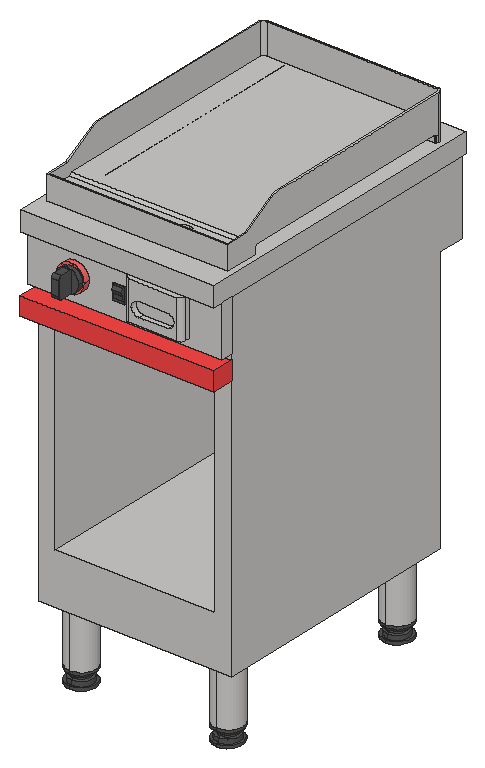
Revit family "ADB Armoire Gril Electrique 410", category Equipement spécialisé, Revit 2022
Family settings
  Cote de connecteur circulaire = Utiliser le diamètre
  Type d'élément = Normal
  Numéro OmniClass = 23.40.40.14.17.11
  Titre OmniClass = Cookers, Ovens, Stoves
  Basée sur le plan de construction = Non
  Toujours verticalement = Oui
  Couper avec des vides une fois chargée = Non
  Conserver l'orientation des annotations = Non
  Partagée = Non
  Repère de localisation dans la pièce = Non
Parameters (values of type "CME 410 SLKC")
  URL catalogue = "https://www.ambassade-de-bourgogne.com/fr/produits/armoires/grils/Resources/CME-410-SLKC.pdf"
  URL = "https://www.ambassade-de-bourgogne.com/fr/produits/armoires/grils/Resources/CME-410-SLKC.pdf"
  Type de Raccord Electrique [instance] = "Bornier 40A"  # constant formula
  Type article = ""
  Tension [instance] = 230 V  # constant formula
  Table = CME410 SLK_SLKC_gril électrique : SLKC
  Spécification du Fabricant = ""
  Remarques Electricité [instance] = "230V(MONO) commutable 400V(TRI)"  # constant formula
  Puissance électrique [instance] = 3300 W  # constant formula
  Porte inversée [instance] = no
  Profondeur [instance] = 652 mm + if(Dosseret DSA 400, 50 mm, 0 mm) + if(Porte CPM 400, 53 mm, 0 mm)  # 652 mm
  Porte CPM 400 [instance] = no
  Poids net à vide [instance] = 68.00 kg + if(Dosseret DSA 400, 1.00 kg, 0.00 kg) + if(Porte CPM 400, 5.00 kg, 0.00 kg)  # 68.00 kg
  Phase [instance] = 1  # constant formula
  Nombres de Pôles [instance] = Phase  # 1
  Modèle = "CME 410 SLKC"
  Longueur [instance] = 400 mm  # constant formula
  Intensité nominale [instance] = Puissance électrique / (230 V * Phase)  # 14.3478 A
  Hauteur [instance] = 990 mm
  Fréquence [instance] = 50 Hz  # constant formula
  Fabricant = "Société Industrielle de Lacanche"  # constant formula
  Elévation par défaut = 0 mm
  Echelles ECH 400 [instance] = no
  Dosseret DSA 400 [instance] = no
  Dosseret [instance] = if(Dosseret DSA 400, 50 mm, 0 mm)  # 0 mm
  Description = "Gril chrome lisse électrique"
  Connecteurs [instance] = yes
  Commentaires du type = "Gamme Ambassade - Grils et planchas électriques"
  D = 740 mm
  C = 200 mm
Types (4, lengths in mm): name | URL catalogue | URL | Table | Modèle | Hauteur | Description
  CME 410 GR | "https://www.ambassade-de-bourgogne.com/fr/produits/armoires/grils/Resources/CME-410-GR.pdf" | "https://www.ambassade-de-bourgogne.com/fr/produits/armoires/grils/Resources/CME-410-GR.pdf" | CME410 GR_GL_gril électrique : GR | "CME 410 GR" | 1015 | "Gril fonte nervuré électrique"
  CME 410 GL | "https://www.ambassade-de-bourgogne.com/fr/produits/armoires/grils/Resources/CME-410-GL.pdf" | "https://www.ambassade-de-bourgogne.com/fr/produits/armoires/grils/Resources/CME-410-GL.pdf" | CME410 GR_GL_gril électrique : GL | "CME 410 GL" | 1015 | "Gril fonte lisse électrique"
  CME 410 SLK | "https://www.ambassade-de-bourgogne.com/fr/produits/armoires/grils/Resources/N53-CME_410_SLK.pdf" | "https://www.ambassade-de-bourgogne.com/fr/produits/armoires/grils/Resources/N53-CME_410_SLK.pdf" | CME410 SLK_SLKC_gril électrique : SLK | "CME 410 SLK" | 990 | "Gril acier lisse électrique"
  CME 410 SLKC | "https://www.ambassade-de-bourgogne.com/fr/produits/armoires/grils/Resources/CME-410-SLKC.pdf" | "https://www.ambassade-de-bourgogne.com/fr/produits/armoires/grils/Resources/CME-410-SLKC.pdf" | CME410 SLK_SLKC_gril électrique : SLKC | "CME 410 SLKC" | 990 | "Gril chrome lisse électrique"
Reference planes
  plane 1 "Centre (avant/arrière)": y = 0
  plane 2: z = 0
  plane 3 "Centre (gauche/droite)": x = 0
  plane 4 "gauche": x = -200
  plane 5 "droite": x = 200
  plane 6 "fond de meuble": y = 325
  plane 7 "avant": y = -325
  plane 8 "arrière": y = 325
  plane 9: z = 990
  plane 10: x = 0
  plane 11: z = 740
  plane 12: y = -327
Forms (mm)
  Extrusion 1, solid, material "ADB_Network_Electricity_Yellow", visible <- "Connecteurs", detail levels medium+fine
    sketch origin (200, 315, 707) x (-1, 0, 0) y (0, 0, 1)
      loop
        circle (200, 33) r 10
    from 0 to 10
  Extrusion 2, solid, detail levels coarse
    sketch origin (0, 0, 0) x (1, 0, 0) y (0, 1, 0)
      loop
        line (-200, 325.033) -> (-200, -327) -> (200, -327) -> (200, 325.033) -> (-200, 325.033)
    from 0 to 990 <- "Hauteur"
  Extrusion 3, solid, material "ADB_Stainless Steel-Polished", detail levels fine
    sketch origin (121.5, 0, 0) x (1, 0, 0) y (0, 1, 0)
      loop
        arc (-110, -313.5) -> (-107.218, -320.218) -> (-100.5, -323) r 9.5
        line (-100.5, -323) -> (0.5, -323)
        arc (0.5, -323) -> (7.218, -320.218) -> (10, -313.5) r 9.5
        line (10, -313.5) -> (10, -306) -> (-110, -306) -> (-110, -313.5)
    from 770 to 850
  Extrusion 4, void
    sketch origin (309.416, -306, 860) x (-1, 0, 0) y (0, 0, -1)
      loop
        arc (267.812, 45) -> (282.812, 60) -> (267.812, 75) r 15
        line (267.812, 75) -> (208.021, 75)
        arc (208.021, 75) -> (193.021, 60) -> (208.021, 45) r 15
        line (208.021, 45) -> (267.812, 45)
    from 5 to 38.602
  Extrusion 5, solid, material "ADB_Plastic-Black", detail levels fine
    sketch origin (329, -306, 860) x (-1, 0, 0) y (0, 0, -1)
      loop
        line (352.5, 39.5) -> (352.5, 71.5) -> (327.5, 71.5) -> (327.5, 39.5) -> (352.5, 39.5)
    from 0 to 2
  Extrusion 6, solid, material "ADB_Plastic-Black", detail levels fine
    sketch origin (29, 0, 0.2) x (0, 1, 0) y (0, 0, 1)
      loop
        line (-308, 817.032) -> (-315.045, 811.027) -> (-309.906, 802.126) -> (-308, 792) -> (-308, 817.032)
    from -49.5 to -30.5
Cuts and joins
  Extrusion 4 cuts Extrusion 3
Dimensions and locks
  equal spacing: plane 5 "droite", plane 3 "Centre (gauche/droite)", plane 4 "gauche"
  "Longueur": plane 5 "droite" to plane 4 "gauche"
  plane 6 "fond de meuble" to plane 7 "avant" = 650 mm
  locked: plane 7 "avant" to plane 1 "Centre (avant/arrière)" at 325
  "Dosseret": plane 8 "arrière" to plane 6 "fond de meuble"
  "Hauteur": plane 9 to plane 2
  "D": plane 2 to plane 11
  "C": plane 5 "droite" to plane 10
  locked: Extrusion 3 sketch curve to Extrusion 3 sketch curve at 120
  "Profondeur": plane 8 "arrière" to plane 12
  aligned and locked: level to plane 2
  aligned and locked: plane 3 "Centre (gauche/droite)" to nested 1
  aligned and locked: Extrusion 1 sketch curve to plane 10
  aligned and locked: plane 11 to Extrusion 1 sketch curve
  aligned and locked: plane 3 "Centre (gauche/droite)" to nested 3
  aligned and locked: Extrusion 2 to plane 12
Automatic sketch dimensions
  Extrusion 2 sketch curve to plane 4 "gauche" = 0 mm
  Extrusion 2 sketch curve to plane 5 "droite" = 0 mm
  Extrusion 2 sketch curve to plane 7 "avant" = 2 mm
  plane 8 "arrière" to Extrusion 2 sketch curve = 0.033 mm
  plane 4 "gauche" to Extrusion 3 sketch curve = 211.5 mm
  plane 7 "avant" to Extrusion 3 sketch curve = 11.5 mm
  Extrusion 3 sketch curve to Extrusion 3 sketch curve = 9.5 mm  (x2)
  plane 7 "avant" to Extrusion 3 sketch curve = 19 mm
  Extrusion 4 sketch curve to nested 1 = 45 mm
  nested 1 to Extrusion 4 sketch curve = 301.396 mm
  Extrusion 4 sketch curve to Extrusion 4 sketch curve = 59.792 mm
  Extrusion 4 sketch curve to Extrusion 4 sketch curve = 15 mm
  plane 3 "Centre (gauche/droite)" to Extrusion 5 sketch curve = 1.5 mm
  Extrusion 5 sketch curve to Extrusion 5 sketch curve = 25 mm
  Extrusion 5 sketch curve to plane 11 = 80.5 mm
  Extrusion 5 sketch curve to Extrusion 5 sketch curve = 32 mm
  plane 7 "avant" to Extrusion 6 sketch curve = 9.955 mm
  Extrusion 6 sketch curve to Extrusion 6 sketch curve = 5.139 mm
  Extrusion 6 sketch curve to Extrusion 6 sketch curve = 1.906 mm
  Extrusion 6 sketch curve to plane 11 = 52.2 mm
  Extrusion 6 sketch curve to Extrusion 6 sketch curve = 10.126 mm
  Extrusion 6 sketch curve to Extrusion 6 sketch curve = 8.901 mm
  Extrusion 6 sketch curve to Extrusion 6 sketch curve = 6.005 mm
  radius of Extrusion 1 sketch curve = 10 mm
Nested families
  nested 1: "Soubassement armoire" at (0, 0, 0), Dosseret <- "Dosseret DSA 400", Porte <- "Porte CPM 400", Porte inversée <- "Porte inversée", Echelle <- "Echelles ECH 400", type "1 armoire"
    with Profondeur 703 mm, Porte inversée no, Porte no, Longueur 400 mm, Hauteur 900 mm, Encombrement Porte standard no, Encombrement Porte inversée no, Echelle no, Décalage poignée 233.5 mm, Dosseret no, Longueur produit 400 mm
  nested 2: "Bouton" at (-103, -306, 804.565) x (1, 0, 0) z (0, -1, 0), type "Bouton"
  nested 3: "CME410 SLK_SLKC_gril électrique" at (0, 0, 900), type <- "Table", type "SLKC", detail levels medium+fine
Connectors
  electrical at (0, 315, 740), driven by "Nombres de Pôles", driven by "Tension", driven by "Puissance électrique"
    settings: on Extrusion 1, index 1, voltage 230 V, apparent load 3300 VA, apparent load phase1 0 VA, apparent load phase2 0 VA, apparent load phase3 0 VA, power factor 1, load classification "Autre", number of poles 1, system type 30, power factor state 1, is connector primary yes, connector utility no, sub classification motor no, connector description "Electrique"
Definition of nested family "Soubassement armoire"
  Parameters (values of type "1 armoire")
    Profondeur produit = 650 mm
    Profondeur baie libre = if(Baie libre, Profondeur produit - 68 mm, 1 mm)  # 582 mm
    Porte inversée [instance] = no
    Longueur poignée = 229 mm  # constant formula
    Encombrement Porte inversée [instance] = and(Porte, Porte inversée)  # no
    Encombrement Porte standard [instance] = and(Porte, not(Porte inversée))  # no
    Porte [instance] = no
    Profondeur [instance] = Profondeur produit + if(Dosseret, 50 mm, 0 mm) + 53 mm  # 703 mm
    Longueur produit = 600 mm
    Longueur [instance] = Longueur produit  # 600 mm
    Hauteur produit = 900 mm
    Hauteur [instance] = Hauteur produit + if(Dosseret, 100 mm, 0 mm)  # 900 mm
    Default Elevation = 0 mm
    Echelle [instance] = no
    Décalage poignée [instance] = if(Porte inversée, Longueur, 233.5 mm)  # 233.5 mm
    Dosseret [instance] = no
    Baie libre = yes
  Reference planes
    plane 1 "Centre (avant/arrière)": y = 0
    plane 2: z = 0
    plane 3 "Centre (gauche/droite)": x = 0
    plane 4 "Gauche": x = -300
    plane 5 "Arrière": y = 325
    plane 6 "Droite": x = 300
    plane 7 "Avant": y = -325
    plane 8 "dessous meuble": z = 155
    plane 9 "Dessus de plan": z = 900
    plane 10 "Baguette coloré": z = 696
    plane 11 "dessous plan": z = 860
    plane 12 "Face": y = -280
    plane 13 "commande": z = 755
    plane 14 "dessus dosseret": z = 900
    plane 15: y = -377.967
    plane 16: y = 325.033
    plane 17 "Baguette colorë": y = -780
    plane 18: x = -66.5
  Forms (mm)
    Extrusion 1, solid, visible <- "Porte", detail levels medium+fine
      sketch origin (-300, 0, 0) x (0, 1, 0) y (0, 0, 1)
        loop
          line (-325, 155) -> (-280, 155) -> (-280, 696) -> (-325, 696) -> (-325, 155)
      from 0 to 600 <- "Longueur"
    Extrusion 2, solid, detail levels medium+fine
      sketch origin (-300, 0, 0) x (0, 1, 0) y (0, 0, 1)
        loop
          line (-280, 742.5) -> (-327, 742.5) -> (-327, 705) -> (-280, 705) -> (-280, 742.5)
      from 0 to 600 <- "Longueur"
    Extrusion 3, solid, detail levels medium+fine
      sketch origin (-300, 0, 0) x (0, 1, 0) y (0, 0, 1)
        loop
          line (325, 900) -> (-325, 900) -> (-325, 860) -> (325, 860) -> (325, 900)
      from 0 to 600 <- "Longueur"
    Extrusion 4, void
      sketch origin (0, -325, 0) x (-1, 0, 0) y (0, 0, 1)
        loop
          line (266, 679) -> (-266, 679) -> (-266, 261.5) -> (266, 261.5) -> (266, 679)
      from 0 to 582 <- "Profondeur baie libre"
    Extrusion 5, solid, detail levels medium+fine
      sketch origin (-300, 0, 0) x (0, 1, 0) y (0, 0, 1)
        loop
          line (-280, 860) -> (-306, 860) -> (-306, 755) -> (-280, 755) -> (-280, 860)
      from 0 to 600 <- "Longueur"
    Extrusion 6, solid, detail levels medium+fine
      sketch origin (-300, 0, 0) x (0, 1, 0) y (0, 0, 1)
        loop
          line (315, 860) -> (-280, 860) -> (-280, 155) -> (260, 155) -> (260, 707) -> (315, 707) -> (315, 860)
      from 0 to 600 <- "Longueur"
    Revolve 7, solid, detail levels medium+fine
      sketch origin (251.965, 0, 0) x (0, 1, 0) y (0, 0, -1)
        loop
          line (-258.968, -155) -> (-229, -155) -> (-229, 0) -> (-258.492, 0) -> (-258.492, -5) -> (-253.001, -5) -> (-253.001, -13.586) -> (-248.857, -16.488) -> (-248.857, -22) -> (-252.82, -22) -> (-258.968, -28.148) -> (-258.968, -34) -> (-258.968, -155)
        axis (-229, 0) -> (-229, -155)
      angle from 0 to 360
    Revolve 8, solid, detail levels medium+fine
      sketch origin (-251.965, 0, 0) x (0, 1, 0) y (0, 0, 1)
        loop
          line (-258.968, 155) -> (-258.968, 34) -> (-258.968, 28.148) -> (-252.82, 22) -> (-248.857, 22) -> (-248.857, 16.488) -> (-253.001, 13.586) -> (-253.001, 5) -> (-258.492, 5) -> (-258.492, 0) -> (-229, 0) -> (-229, 155) -> (-258.968, 155)
        axis (-229, 0) -> (-229, 155)
      angle from 0 to 360
    Revolve 9, solid, detail levels medium+fine
      sketch origin (-251.965, -20, 0) x (0, -1, 0) y (0, 0, -1)
        loop
          line (-258.968, -155) -> (-229, -155) -> (-229, 0) -> (-258.492, 0) -> (-258.492, -5) -> (-253.001, -5) -> (-253.001, -13.586) -> (-248.857, -16.488) -> (-248.857, -22) -> (-252.82, -22) -> (-258.968, -28.148) -> (-258.968, -34) -> (-258.968, -155)
        axis (-229, 0) -> (-229, -155)
      angle from 0 to 360
    Extrusion 10, solid, visible <- "Dosseret", detail levels medium+fine
      sketch origin (-300, 0, 0) x (0, 1, 0) y (0, 0, 1)
        loop
          line (375.033, 1000) -> (325, 1000) -> (325, 860) -> (375.033, 860) -> (375.033, 1000)
      from 0 to 600 <- "Longueur"
    Revolve 11, solid, detail levels medium+fine
      sketch origin (251.965, -20, 0) x (0, -1, 0) y (0, 0, 1)
        loop
          line (-258.968, 155) -> (-258.968, 34) -> (-258.968, 28.148) -> (-252.82, 22) -> (-248.857, 22) -> (-248.857, 16.488) -> (-253.001, 13.586) -> (-253.001, 5) -> (-258.492, 5) -> (-258.492, 0) -> (-229, 0) -> (-229, 155) -> (-258.968, 155)
        axis (-229, 0) -> (-229, 155)
      angle from 0 to 360
    Extrusion 12, void
      sketch origin (0, 0, 900) x (0, -1, 0) y (1, 0, 0)
        loop
          line (-307.033, -266.567) -> (-293.033, -266.567) -> (-293.033, 266.464) -> (-307.033, 266.464) -> (-307.033, -266.567)
      from 0 to -0.8
    Extrusion 13, solid, detail levels medium+fine
      sketch origin (-300, 260, 155) x (0, 0, 1) y (1, 0, 0)
        loop
          line (65, 454) -> (65, 146) -> (552, 146) -> (552, 454) -> (65, 454)
      from 0 to 35
    Extrusion 14, solid, visible <- "Echelle", detail levels medium+fine
      sketch origin (0, 0, 0) x (1, 0, 0) y (0, 0, 1)
        loop
          line (-266, 648.8) -> (-266, 623.8) -> (-256.5, 623.8) -> (-256.5, 625) -> (-264.8, 625) -> (-264.8, 647.6) -> (-248, 647.6) -> (-248, 648.8) -> (-266, 648.8)
        loop
          line (-266, 548.8) -> (-266, 523.8) -> (-256.5, 523.8) -> (-256.5, 525) -> (-264.8, 525) -> (-264.8, 547.6) -> (-248, 547.6) -> (-248, 548.8) -> (-266, 548.8)
        loop
          line (-266, 448.8) -> (-266, 423.8) -> (-256.5, 423.8) -> (-256.5, 425) -> (-264.8, 425) -> (-264.8, 447.6) -> (-248, 447.6) -> (-248, 448.8) -> (-266, 448.8)
        loop
          line (-266, 348.8) -> (-266, 323.8) -> (-256.5, 323.8) -> (-256.5, 325) -> (-264.8, 325) -> (-264.8, 347.6) -> (-248, 347.6) -> (-248, 348.8) -> (-266, 348.8)
      from -113.466 to 206.5
    Extrusion 15, solid, visible <- "Echelle", detail levels medium+fine
      sketch origin (0, 0, 0) x (-1, 0, 0) y (0, 0, -1)
        loop
          line (-266, -648.8) -> (-248, -648.8) -> (-248, -647.6) -> (-264.8, -647.6) -> (-264.8, -625) -> (-256.5, -625) -> (-256.5, -623.8) -> (-266, -623.8) -> (-266, -648.8)
        loop
          line (-266, -548.8) -> (-248, -548.8) -> (-248, -547.6) -> (-264.8, -547.6) -> (-264.8, -525) -> (-256.5, -525) -> (-256.5, -523.8) -> (-266, -523.8) -> (-266, -548.8)
        loop
          line (-266, -448.8) -> (-248, -448.8) -> (-248, -447.6) -> (-264.8, -447.6) -> (-264.8, -425) -> (-256.5, -425) -> (-256.5, -423.8) -> (-266, -423.8) -> (-266, -448.8)
        loop
          line (-266, -348.8) -> (-248, -348.8) -> (-248, -347.6) -> (-264.8, -347.6) -> (-264.8, -325) -> (-256.5, -325) -> (-256.5, -323.8) -> (-266, -323.8) -> (-266, -348.8)
      from -113.466 to 206.5
  Cuts and joins
    Extrusion 4 cuts Extrusion 6
    Extrusion 12 cuts Extrusion 10
  Lines and regions (mm)
    symbolic lines, visible <- "Encombrement Porte standard"
      curve 1: line (300, -280, 155) -> (300, -880, 155)
      curve 4: arc (-300, -280, 155) -> (-124.264, -704.264, 155) -> (300, -880, 155) r 600
    symbolic lines, visible <- "Encombrement Porte inversée"
      curve 2: line (-300, -280, 155) -> (-300, -880, 155)
      curve 3: arc (300, -280, 155) -> (124.264, -704.264, 155) -> (-300, -880, 155) r 600
  Dimensions and locks
    equal spacing: plane 7 "Avant", plane 1 "Centre (avant/arrière)", plane 5 "Arrière"
    "Profondeur produit": plane 5 "Arrière" to plane 7 "Avant"
    equal spacing: plane 4 "Gauche", plane 3 "Centre (gauche/droite)", plane 6 "Droite"
    "Longueur produit": plane 4 "Gauche" to plane 6 "Droite"
    "Hauteur produit": plane 9 "Dessus de plan" to plane 2
    locked: plane 8 "dessous meuble" to plane 2 at 155
    locked: plane 9 "Dessus de plan" to plane 11 "dessous plan" at 40
    locked: plane 7 "Avant" to plane 12 "Face" at 45
    locked: plane 13 "commande" to plane 10 "Baguette coloré" at 59
    locked: plane 11 "dessous plan" to plane 13 "commande" at 105
    Extrusion 4 sketch curve to plane 8 "dessous meuble" = 106.5 mm
    Extrusion 4 sketch curve to plane 6 "Droite" = 34 mm
    Extrusion 4 sketch curve to plane 4 "Gauche" = 34 mm
    plane 10 "Baguette coloré" to Extrusion 4 sketch curve = 17 mm
    "Hauteur": plane 14 "dessus dosseret" to plane 2
    locked: plane 7 "Avant" to plane 15 at 52.967
    "Profondeur": plane 15 to plane 16
    equal spacing: Extrusion 13 sketch curve, plane 3 "Centre (gauche/droite)", Extrusion 13 sketch curve
    "Décalage poignée": plane 18 to plane 4 "Gauche"
    locked: plane 4 "Gauche" to Revolve 9 at 18.067
    locked: Revolve 11 to plane 6 "Droite" at 18.067
    locked: Revolve 7 to plane 6 "Droite" at 18.067
    locked: plane 4 "Gauche" to Revolve 8 at 18.067
    locked: Revolve 8 to plane 12 "Face" at 21.032
    locked: Revolve 7 to plane 12 "Face" at 21.032
    locked: plane 5 "Arrière" to Extrusion 10 sketch curve at 50.033
    plane 16 to Extrusion 12 sketch curve to Extrusion 12 sketch curve = 18 mm locked, 14 mm locked
    aligned and locked: level to plane 2
    aligned and locked: plane 18 to nested 1
  Automatic sketch dimensions
    Extrusion 1 sketch curve to plane 7 "Avant" = 0 mm
    Extrusion 1 sketch curve to plane 10 "Baguette coloré" = 0 mm
    Extrusion 1 sketch curve to plane 12 "Face" = 0 mm
    Extrusion 1 sketch curve to plane 8 "dessous meuble" = 0 mm
    Extrusion 2 sketch curve to plane 12 "Face" = 0 mm
    Extrusion 2 sketch curve to plane 7 "Avant" = 2 mm
    plane 10 "Baguette coloré" to Extrusion 2 sketch curve = 9 mm
    Extrusion 2 sketch curve to plane 13 "commande" = 12.5 mm
    Extrusion 3 sketch curve to plane 7 "Avant" = 0 mm
    Extrusion 3 sketch curve to plane 5 "Arrière" = 0 mm
    Extrusion 3 sketch curve to plane 11 "dessous plan" = 0 mm
    Extrusion 3 sketch curve to plane 9 "Dessus de plan" = 0 mm
    Extrusion 5 sketch curve to plane 11 "dessous plan" = 0 mm
    Extrusion 5 sketch curve to plane 13 "commande" = 0 mm
    Extrusion 5 sketch curve to plane 12 "Face" = 0 mm
    plane 7 "Avant" to Extrusion 5 sketch curve = 19 mm
    Extrusion 6 sketch curve to plane 11 "dessous plan" = 0 mm
    Extrusion 6 sketch curve to plane 12 "Face" = 0 mm
    Extrusion 6 sketch curve to plane 8 "dessous meuble" = 0 mm
    Extrusion 6 sketch curve to plane 5 "Arrière" = 65 mm
    Extrusion 6 sketch curve to plane 5 "Arrière" = 10 mm
    plane 10 "Baguette coloré" to Extrusion 6 sketch curve = 11 mm
    Revolve 7 sketch curve to plane 8 "dessous meuble" = 0 mm
    Revolve 7 sketch curve to level = 0 mm
    plane 12 "Face" to Revolve 7 sketch curve = 21.032 mm
    plane 12 "Face" to Revolve 7 sketch curve = 21.508 mm
    Revolve 7 sketch curve to Revolve 7 sketch curve = 5.491 mm
    Revolve 7 sketch curve to Revolve 7 sketch curve = 0.181 mm
    Revolve 7 sketch curve to Revolve 7 sketch curve = 3.964 mm
    Revolve 7 sketch curve to Revolve 7 sketch curve = 24.001 mm
    level to Revolve 7 sketch curve = 34 mm
    Revolve 7 sketch curve to Revolve 7 sketch curve = 5.852 mm
    Revolve 7 sketch curve to Revolve 7 sketch curve = 6.148 mm
    Revolve 7 sketch curve to Revolve 7 sketch curve = 5.512 mm
    Revolve 7 sketch curve to Revolve 7 sketch curve = 2.902 mm
    level to Revolve 7 sketch curve = 5 mm
    Revolve 7 sketch curve to Revolve 7 sketch curve = 0 mm
    plane 8 "dessous meuble" to Revolve 7 sketch curve = 19 mm
    Revolve 7 sketch curve to Revolve 7 sketch curve = 12 mm
    Revolve 8 sketch curve to plane 8 "dessous meuble" = 0 mm
    Revolve 8 sketch curve to level = 0 mm
    plane 12 "Face" to Revolve 8 sketch curve = 21.032 mm
    plane 12 "Face" to Revolve 8 sketch curve = 21.508 mm
    Revolve 8 sketch curve to Revolve 8 sketch curve = 5.491 mm
    Revolve 8 sketch curve to Revolve 8 sketch curve = 0.181 mm
    Revolve 8 sketch curve to Revolve 8 sketch curve = 3.964 mm
    Revolve 8 sketch curve to Revolve 8 sketch curve = 24.001 mm
    level to Revolve 8 sketch curve = 5 mm
    Revolve 8 sketch curve to Revolve 8 sketch curve = 8.586 mm
    Revolve 8 sketch curve to Revolve 8 sketch curve = 2.902 mm
    Revolve 8 sketch curve to Revolve 8 sketch curve = 5.512 mm
    Revolve 8 sketch curve to Revolve 8 sketch curve = 6.148 mm
    Revolve 8 sketch curve to Revolve 8 sketch curve = 5.852 mm
    Revolve 8 sketch curve to Revolve 8 sketch curve = 0 mm
    Revolve 8 sketch curve to Revolve 8 sketch curve = 12 mm
    plane 8 "dessous meuble" to Revolve 8 sketch curve = 19 mm
    Revolve 9 sketch curve to plane 8 "dessous meuble" = 0 mm
    Revolve 9 sketch curve to level = 0 mm
    level to Revolve 9 sketch curve = 28.148 mm
    Revolve 9 sketch curve to plane 5 "Arrière" = 86.032 mm
    Revolve 9 sketch curve to Revolve 9 sketch curve = 0.477 mm
    level to Revolve 9 sketch curve = 13.586 mm
    Revolve 9 sketch curve to Revolve 9 sketch curve = 5.491 mm
    Revolve 9 sketch curve to Revolve 9 sketch curve = 0.181 mm
    Revolve 9 sketch curve to Revolve 9 sketch curve = 3.964 mm
    Revolve 9 sketch curve to Revolve 9 sketch curve = 24.001 mm
    Revolve 9 sketch curve to Revolve 9 sketch curve = 5.852 mm
    Revolve 9 sketch curve to Revolve 9 sketch curve = 8.414 mm
    Revolve 9 sketch curve to Revolve 9 sketch curve = 2.902 mm
    level to Revolve 9 sketch curve = 5 mm
    Revolve 9 sketch curve to Revolve 9 sketch curve = 0 mm
    plane 8 "dessous meuble" to Revolve 9 sketch curve = 19 mm
    Revolve 9 sketch curve to Revolve 9 sketch curve = 12 mm
    Extrusion 10 sketch curve to plane 5 "Arrière" = 0 mm
    Extrusion 10 sketch curve to plane 11 "dessous plan" = 0 mm
    plane 9 "Dessus de plan" to Extrusion 10 sketch curve = 100 mm
    curve 3 to plane 6 "Droite" = 0 mm
    curve 3 to plane 4 "Gauche" = 0 mm
    curve 4 to plane 4 "Gauche" = 0 mm
    curve 4 to plane 12 "Face" = 0 mm
    curve 2 to plane 12 "Face" = 0 mm
    curve 3 to plane 12 "Face" = 0 mm
    Revolve 11 sketch curve to plane 8 "dessous meuble" = 0 mm
    Revolve 11 sketch curve to level = 0 mm
    level to Revolve 11 sketch curve = 28.148 mm
    Revolve 11 sketch curve to plane 5 "Arrière" = 86.032 mm
    Revolve 11 sketch curve to Revolve 11 sketch curve = 0.477 mm
    level to Revolve 11 sketch curve = 13.586 mm
    Revolve 11 sketch curve to Revolve 11 sketch curve = 5.491 mm
    Revolve 11 sketch curve to Revolve 11 sketch curve = 0.181 mm
    Revolve 11 sketch curve to Revolve 11 sketch curve = 3.964 mm
    Revolve 11 sketch curve to Revolve 11 sketch curve = 24.001 mm
    level to Revolve 11 sketch curve = 5 mm
    Revolve 11 sketch curve to Revolve 11 sketch curve = 2.902 mm
    Revolve 11 sketch curve to Revolve 11 sketch curve = 5.512 mm
    Revolve 11 sketch curve to Revolve 11 sketch curve = 5.852 mm
    Revolve 11 sketch curve to Revolve 11 sketch curve = 0 mm
    Revolve 11 sketch curve to Revolve 11 sketch curve = 12 mm
    plane 8 "dessous meuble" to Revolve 11 sketch curve = 19 mm
    plane 4 "Gauche" to Extrusion 12 sketch curve = 33.433 mm
    plane 6 "Droite" to Extrusion 12 sketch curve = 33.536 mm
    Extrusion 13 sketch curve to Extrusion 6 = 0 mm
    Extrusion 6 to Extrusion 13 sketch curve = 65 mm
    Extrusion 6 to Extrusion 13 sketch curve = 146 mm
    plane 4 "Gauche" to Extrusion 14 sketch curve = 34 mm  (x4)
    Extrusion 14 sketch curve to Extrusion 14 sketch curve = 1.2 mm  (x12)
    Extrusion 14 sketch curve to Extrusion 14 sketch curve = 8.3 mm  (x4)
    Extrusion 14 sketch curve to Extrusion 14 sketch curve = 16.8 mm  (x4)
    plane 8 "dessous meuble" to Extrusion 14 sketch curve = 168.8 mm
    Extrusion 14 sketch curve to Extrusion 14 sketch curve = 22.6 mm  (x4)
    Extrusion 14 sketch curve to Extrusion 14 sketch curve = 75 mm  (x2)
    Extrusion 14 sketch curve to plane 10 "Baguette coloré" = 72.2 mm
    plane 6 "Droite" to Extrusion 15 sketch curve = 34 mm  (x4)
    Extrusion 15 sketch curve to Extrusion 15 sketch curve = 1.2 mm  (x12)
    Extrusion 15 sketch curve to Extrusion 15 sketch curve = 8.3 mm  (x4)
    Extrusion 15 sketch curve to Extrusion 15 sketch curve = 16.8 mm  (x4)
    Extrusion 15 sketch curve to plane 10 "Baguette coloré" = 47.2 mm
    Extrusion 15 sketch curve to Extrusion 15 sketch curve = 22.6 mm  (x4)
    Extrusion 15 sketch curve to Extrusion 15 sketch curve = 75 mm  (x3)
    curve 1 to plane 6 "Droite" = 0 mm
    curve 1 to plane 12 "Face" = 0 mm
  Nested families
    nested 1: "Poignée" at (-181, -325, 681.933) x (1, 0, 0) z (0, -1, 0), visible <- "Porte", Longueur <- "Longueur poignée", type "Poignée", detail levels fine
      with Longueur 229 mm
  Definition of nested family "Poignée"
    Parameters (values of type "Poignée")
      Longueur [instance] = 800 mm
      Default Elevation = 1219.2 mm
    Reference planes
      plane 1 "Centre (avant/arrière)": y = 0
      plane 2: z = 0
      plane 3 "Centre (gauche/droite)": x = 0
      plane 4: x = -400
      plane 5: x = 400
      plane 6: x = -395
      plane 7: x = 395
    Forms (mm)
      Extrusion 1, solid
        sketch origin (0, 0, 0) x (1, 0, 0) y (0, 1, 0)
          loop
            line (-1219.2, 1219.2) -> (-1219.2, -1219.2) -> (1219.2, -1219.2) -> (1219.2, 1219.2) -> (-1219.2, 1219.2)
        from 0 to -304.8
      Extrusion 2, solid
        sketch origin (0, 0, 0) x (0, 1, 0) y (0, 0, 1)
          loop
            circle (0, 38.995) r 13.972
        from -395 to 395
      Extrusion 3, solid
        sketch origin (0, 0, 0) x (1, 0, 0) y (0, 1, 0)
          loop
            circle (-363.542, 0) r 8.5
          loop
            circle (363.453, 0) r 8.5
        from 0 to 37.089
    Cuts and joins
      joined: Extrusion 2, Extrusion 3
    Dimensions and locks
      equal spacing: plane 4, plane 3 "Centre (gauche/droite)", plane 5
      "Longueur": plane 4 to plane 5
      locked: plane 4 to plane 6 at 5
      locked: plane 7 to plane 5 at 5
      locked: plane 6 to Extrusion 3 sketch curve at 31.458
      locked: Extrusion 3 sketch curve to plane 7 at 31.547
      aligned and locked: plane 2 to Extrusion 1
      aligned and locked: level to Extrusion 1
      aligned and locked: plane 6 to Extrusion 2
      aligned and locked: Extrusion 2 to plane 7
      aligned and locked: plane 1 "Centre (avant/arrière)" to Extrusion 3 sketch curve
    Automatic sketch dimensions
      Extrusion 1 sketch curve to Extrusion 1 sketch curve = 2438.4 mm  (x2)
      Extrusion 2 sketch curve to plane 1 "Centre (avant/arrière)" = 0 mm
      level to Extrusion 2 sketch curve = 38.995 mm
      plane 1 "Centre (avant/arrière)" to Extrusion 3 sketch curve = 0 mm
      radius of Extrusion 2 sketch curve = 13.972 mm
      radius of Extrusion 3 sketch curve = 8.5 mm  (x2)
Definition of nested family "Bouton"
  Parameters (values of type "Bouton")
    Matériau base bouton = none
    Default Elevation = 1219.2 mm
  Reference planes
    plane 1 "Centre (avant/arrière)": y = 0
    plane 2: z = 0
    plane 3 "Centre (gauche/droite)": x = 0
  Forms (mm)
    Extrusion 1, solid
      sketch origin (0, 0, 0) x (1, 0, 0) y (0, 1, 0)
        loop
          line (-1219.2, 1219.2) -> (-1219.2, -1219.2) -> (1219.2, -1219.2) -> (1219.2, 1219.2) -> (-1219.2, 1219.2)
      from 0 to -304.8
    Extrusion 2, solid, material <- "Matériau base bouton", detail levels fine
      sketch origin (0, 0, 0) x (1, 0, 0) y (0, 1, 0)
        loop
          circle (0, 0) r 28.5
      from 0 to 11.5
    Extrusion 3, solid, detail levels fine
      sketch origin (0, 0, 0) x (1, 0, 0) y (0, 1, 0)
        loop
          circle (0, 0) r 24.1
      from 11.5 to 20.5
    Extrusion 4, solid, detail levels fine
      sketch origin (0, 0, 0) x (1, 0, 0) y (0, 0, 1)
        loop
          line (-8.082, 20.5) -> (8.082, 20.5) -> (7.58, 49.253)
          arc (7.58, 49.253) -> (6.684, 51.34) -> (4.581, 52.2) r 3
          line (4.581, 52.2) -> (-4.581, 52.2)
          arc (-4.581, 52.2) -> (-6.684, 51.34) -> (-7.58, 49.253) r 3
          line (-7.58, 49.253) -> (-8.082, 20.5)
      from -22.082 to 22.162
    Extrusion 5, void
      sketch origin (0, 0, 0) x (0, 1, 0) y (0, 0, 1)
        loop
          line (-15.762, 50.701) -> (15.682, 50.701)
          arc (15.682, 50.701) -> (20.208, 48.826) -> (22.082, 44.301) r 6.4
          line (22.082, 44.301) -> (22.082, 41.701) -> (24.232, 41.701) -> (24.232, 54.688) -> (-24.768, 54.688) -> (-24.768, 41.701) -> (-22.162, 41.701) -> (-22.162, 44.301)
          arc (-22.162, 44.301) -> (-20.287, 48.826) -> (-15.762, 50.701) r 6.4
      from -15.908 to 13.709
  Cuts and joins
    Extrusion 5 cuts Extrusion 4
  Lines and regions (mm)
    symbolic lines, detail levels fine
      curve 1: line (0, -28.5, 0) -> (0, 28.5, 0)
  Dimensions and locks
    aligned and locked: plane 2 to Extrusion 1
    aligned and locked: level to Extrusion 1
Definition of nested family "CME410 SLK_SLKC_gril électrique"
  Parameters (values of type "SLKC")
    Longueur plancha = Longueur - 26 mm  # 374 mm
    Habillage = none
    Longueur = 400 mm
    Largeur = 650 mm
    Default Elevation = 1219.2 mm
  Types (3): name
    (no name)
    SLK
    SLKC
  Reference planes
    plane 1 "Centre (avant/arrière)": y = 0
    plane 2: z = 0
    plane 3 "Centre (gauche/droite)": x = 0
    plane 4: y = 325
    plane 5: y = -325
    plane 6: x = 200
    plane 7: x = -200
    plane 8: x = -187
    plane 9: x = 187
  Forms (mm)
    Extrusion 1, solid
      sketch origin (0, 0, 0) x (1, 0, 0) y (0, 1, 0)
        loop
          line (-1219.2, 1219.2) -> (-1219.2, -1219.2) -> (1219.2, -1219.2) -> (1219.2, 1219.2) -> (-1219.2, 1219.2)
      from 0 to -304.8
    Extrusion 2, solid, material <- "Habillage"
      sketch origin (0, 0, 0) x (1, 0, 0) y (0, 1, 0)
        loop
          line (-187, 272.048) -> (-187, -273.983) -> (187, -273.983) -> (187, 272.048)
          arc (187, 272.048) -> (183.778, 279.826) -> (176, 283.048) r 11
          line (176, 283.048) -> (-176, 283.048)
          arc (-176, 283.048) -> (-183.778, 279.826) -> (-187, 272.048) r 11
        loop
          line (-184, 272.048) -> (-184, -270.983) -> (184, -270.983) -> (184, 272.048)
          arc (184, 272.048) -> (181.657, 277.705) -> (176, 280.048) r 8
          line (176, 280.048) -> (-176, 280.048)
          arc (-176, 280.048) -> (-181.657, 277.705) -> (-184, 272.048) r 8
      from 0 to 92.033
    Extrusion 3, void
      sketch origin (0, 0, 0) x (0, 1, 0) y (0, 0, 1)
        loop
          line (-104, 112) -> (-285.597, 112) -> (-285.597, 49.448) -> (-223.976, 49.403) -> (-161.719, 85.347)
          arc (-161.719, 85.347) -> (-149.684, 90.332) -> (-136.769, 92.033) r 49.9
          line (-136.769, 92.033) -> (-104, 92.033) -> (-104, 112)
      from -200 to 200
    Extrusion 4, solid, material <- "Habillage"
      sketch origin (0, 0.952, 0) x (1, 0, 0) y (0, 1, 0)
        loop
          line (176, 279.096) -> (-176, 279.096)
          arc (-176, 279.096) -> (-181.657, 276.753) -> (-184, 271.096) r 8
          line (-184, 271.096) -> (-184, -271.935) -> (184, -271.935) -> (184, 271.096)
          arc (184, 271.096) -> (181.657, 276.753) -> (176, 279.096) r 8
      from 0 to 29.492
    Extrusion 5, void
      sketch origin (0, 0, 0) x (0, 1, 0) y (0, 0, 1)
        loop
          line (-266.126, 28.524) -> (-261.04, 23.612) -> (-221.046, 24.309) -> (-210.298, 35.437) -> (-270.983, 35.437) -> (-270.983, 28.44) -> (-266.126, 28.524)
      from -280 to 280
    Extrusion 6, void
      sketch origin (0, 0, 0) x (1, 0, 0) y (0, 1, 0)
        loop
          circle (72.021, -245.004) r 15
      from 0 to 61.472
    Extrusion 7, void
      sketch origin (0, 0, 0) x (0, 1, 0) y (0, 0, 1)
        loop
          line (-203.012, 12.383) -> (-203.012, 0) -> (266.988, 0) -> (266.988, 11.783)
          arc (266.988, 11.783) -> (265.348, 15.743) -> (261.388, 17.383) r 5.6
          line (261.388, 17.383) -> (-198.012, 17.383)
          arc (-198.012, 17.383) -> (-201.548, 15.919) -> (-203.012, 12.383) r 5
      from -200 to 200
    Extrusion 8, void
      sketch origin (0, 0, 0) x (1, 0, 0) y (0, 0, 1)
        loop
          line (135, 25.033) -> (-135, 25.033)
          arc (-135, 25.033) -> (-138.536, 23.568) -> (-140, 20.033) r 5
          line (-140, 20.033) -> (-140, 0) -> (140, 0) -> (140, 20.033)
          arc (140, 20.033) -> (138.536, 23.568) -> (135, 25.033) r 5
      from -325 to 203.012
  Cuts and joins
    Extrusion 3, Extrusion 7, Extrusion 8 cuts Extrusion 2
    Extrusion 5, Extrusion 6, Extrusion 7, Extrusion 8 cuts Extrusion 4
  Dimensions and locks
    "Largeur": plane 5 to plane 4
    "Longueur": plane 7 to plane 6
    "Longueur plancha": plane 8 to plane 9
    equal spacing: plane 7, plane 3 "Centre (gauche/droite)", plane 6
    equal spacing: plane 8, plane 3 "Centre (gauche/droite)", plane 9
    aligned and locked: plane 2 to Extrusion 1
    aligned and locked: level to Extrusion 1
    aligned and locked: plane 8 to Extrusion 2 sketch curve
    aligned and locked: plane 9 to Extrusion 2 sketch curve
  Automatic sketch dimensions
    Extrusion 1 sketch curve to Extrusion 1 sketch curve = 2438.4 mm  (x2)
    Extrusion 4 sketch curve to plane 5 = 54.017 mm
    plane 4 to Extrusion 4 sketch curve = 52.952 mm
    Extrusion 6 sketch curve to plane 5 = 79.996 mm
    Extrusion 4 sketch curve to plane 7 = 24 mm
    Extrusion 4 sketch curve to plane 7 = 16 mm
    plane 3 "Centre (gauche/droite)" to Extrusion 6 sketch curve = 72.021 mm
    plane 6 to Extrusion 4 sketch curve = 24 mm
    plane 9 to Extrusion 4 sketch curve = 3 mm
    Extrusion 2 sketch curve to plane 8 = 3 mm
    Extrusion 2 sketch curve to Extrusion 2 sketch curve = 8 mm
    Extrusion 2 sketch curve to Extrusion 2 sketch curve = 0 mm  (x3)
    plane 9 to Extrusion 2 sketch curve = 11 mm
    plane 9 to Extrusion 2 sketch curve = 3 mm
    Extrusion 2 sketch curve to plane 5 = 51.017 mm
    Extrusion 2 sketch curve to Extrusion 2 sketch curve = 3 mm
    plane 4 to Extrusion 2 sketch curve = 52.952 mm
    Extrusion 3 sketch curve to plane 5 = 39.403 mm
    level to Extrusion 3 sketch curve = 49.403 mm
    Extrusion 3 sketch curve to Extrusion 3 sketch curve = 61.621 mm
    Extrusion 3 sketch curve to Extrusion 3 sketch curve = 62.257 mm
    Extrusion 3 sketch curve to Extrusion 3 sketch curve = 24.95 mm
    level to Extrusion 3 sketch curve = 42.133 mm
    Extrusion 3 sketch curve to Extrusion 3 sketch curve = 43.215 mm
    Extrusion 3 sketch curve to Extrusion 3 sketch curve = 62.597 mm
    Extrusion 3 sketch curve to Extrusion 3 sketch curve = 32.769 mm
    level to Extrusion 3 sketch curve = 49.448 mm
    level to Extrusion 5 sketch curve = 28.44 mm
    Extrusion 5 sketch curve to plane 5 = 58.874 mm
    level to Extrusion 5 sketch curve = 23.612 mm
    Extrusion 5 sketch curve to Extrusion 5 sketch curve = 5.086 mm
    level to Extrusion 5 sketch curve = 24.309 mm
    Extrusion 5 sketch curve to Extrusion 5 sketch curve = 39.994 mm
    Extrusion 5 sketch curve to Extrusion 5 sketch curve = 4.857 mm
    Extrusion 5 sketch curve to Extrusion 5 sketch curve = 10.748 mm
    Extrusion 5 sketch curve to Extrusion 5 sketch curve = 0.085 mm
    Extrusion 5 sketch curve to Extrusion 5 sketch curve = 6.998 mm
    level to Extrusion 7 sketch curve = 12.383 mm
    Extrusion 7 sketch curve to plane 5 = 121.988 mm
    Extrusion 7 sketch curve to Extrusion 7 sketch curve = 5 mm
    level to Extrusion 7 sketch curve = 11.783 mm
    plane 4 to Extrusion 7 sketch curve = 63.612 mm
    Extrusion 7 sketch curve to level = 0 mm
    Extrusion 8 sketch curve to plane 8 = 47 mm
    Extrusion 8 sketch curve to Extrusion 8 sketch curve = 5 mm  (x2)
    level to Extrusion 8 sketch curve = 20.033 mm
    plane 9 to Extrusion 8 sketch curve = 52 mm
    level to Extrusion 8 sketch curve = 0 mm
    radius of Extrusion 6 sketch curve = 15 mm
